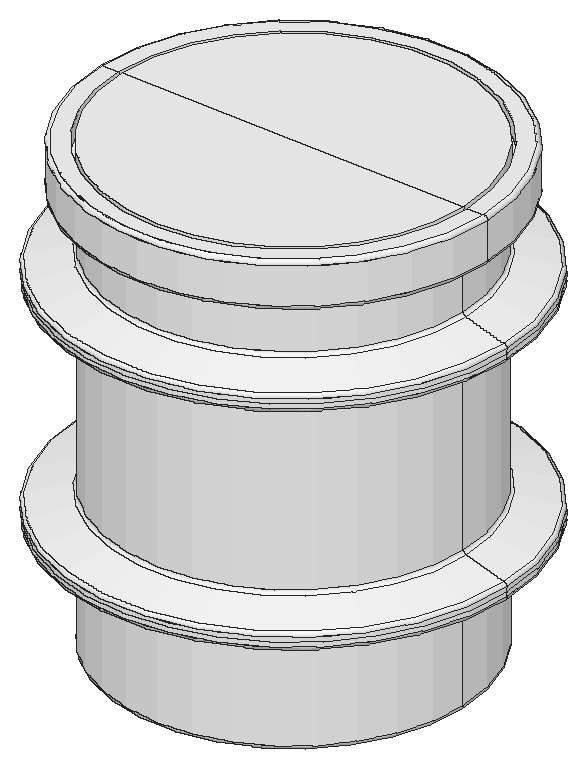
Revit family "C1300-MF", category Plumbing Fixtures, host Face, Revit 2026
Family settings
  Host = Face
  Round Connector Dimension = Use Radius
  Part Type = Normal
  Classification Number = 23.45.55.21
  Enable Cutting in Views = No
  Cut with Voids When Loaded = No
  Maintain Annotation Orientation = No
  Shared = No
  Room Calculation Point = No
Parameters
  WFU = 0
  URL = "WWW.MIFAB.COM"
  Strainer Radius = Stainer Diameter / 2  # 5.000"
  Stainer Diameter = 10.000"
  Pipe Radius = Pipe Diameter / 2  # 4.375"
  Pipe Diameter = 8.750"
  Model = "C1300-MF"
  Manufacturer = "MIFAB"
  Floor Drain Material = Paint - Sherwin Williams Paint - #952C2A - Bellwood Red
  Description = "HEAVY DUTY ACCESS HOUSING WITH ANCHOR FLANGES"
  Default Elevation = 0.000"
  Body Height = 11.625"
Reference planes (in)
  plane 1 "Center (Front/Back)": y = 0
  plane 2: z = 0
  plane 3 "Center (Left/Right)": x = 0
  plane 4: x = -5
  plane 5: x = 5
  plane 6: z = -11.625
  plane 7: x = -4.375
  plane 8: x = 4.375
  plane 9: x = -2.31968
  plane 10: x = 2.31968
Forms (in)
  Revolve 1, solid, material "Paint - Sherwin Williams Paint - #952C2A - Bellwood Red" <- "Floor Drain Material"
    sketch origin (0, 0, 0) x (1, 0, 0) y (0, 0, 1)
      loop
        arc (4.275, -11.625) -> (4.34571, -11.59571) -> (4.375, -11.525) r 0.1
        line (4.375, -11.525) -> (4.375, -9.07601)
        arc (4.375, -9.07601) -> (4.39539, -9.0155) -> (4.44824, -8.97966) r 0.1
        line (4.44824, -8.97966) -> (5.42676, -8.70784)
        arc (5.42676, -8.70784) -> (5.47961, -8.672) -> (5.5, -8.61149) r 0.1
        line (5.5, -8.61149) -> (5.5, -8.5) -> (5.5, -8.38851)
        arc (5.5, -8.38851) -> (5.47961, -8.328) -> (5.42676, -8.29216) r 0.1
        line (5.42676, -8.29216) -> (4.44824, -8.02034)
        arc (4.44824, -8.02034) -> (4.39539, -7.9845) -> (4.375, -7.92399) r 0.1
        line (4.375, -7.92399) -> (4.375, -3.57601)
        arc (4.375, -3.57601) -> (4.39539, -3.5155) -> (4.44824, -3.47966) r 0.1
        line (4.44824, -3.47966) -> (5.42676, -3.20784)
        arc (5.42676, -3.20784) -> (5.47961, -3.172) -> (5.5, -3.11149) r 0.1
        line (5.5, -3.11149) -> (5.5, -3) -> (5.5, -2.88851)
        arc (5.5, -2.88851) -> (5.47961, -2.828) -> (5.42676, -2.79216) r 0.1
        line (5.42676, -2.79216) -> (4.44824, -2.52034)
        arc (4.44824, -2.52034) -> (4.39539, -2.4845) -> (4.375, -2.42399) r 0.1
        line (4.375, -2.42399) -> (4.375, -1.225)
        arc (4.375, -1.225) -> (4.40429, -1.15429) -> (4.475, -1.125) r 0.1
        line (4.475, -1.125) -> (4.9, -1.125)
        arc (4.9, -1.125) -> (4.97071, -1.09571) -> (5, -1.025) r 0.1
        line (5, -1.025) -> (5, -0.1)
        arc (5, -0.1) -> (4.97071, -0.02929) -> (4.9, 0) r 0.1
        line (4.9, 0) -> (4.5, 0) -> (4.5, -0.425) -> (4, -0.425) -> (4, -11.625) -> (4.275, -11.625)
      axis (0, 0) -> (0, -11.625)
    angle from 0 to 360
  Revolve 2, solid, material "Paint - Sherwin Williams Paint - #952C2A - Bellwood Red" <- "Floor Drain Material"
    sketch origin (0, 0, 0) x (1, 0, 0) y (0, 0, 1)
      loop
        line (0, 0) -> (0, -0.425) -> (4.4, -0.425) -> (4.4, 0) -> (0, 0)
      axis (0, 0) -> (0, -0.425)
    angle from 0 to 360
Lines and regions (in)
  symbolic lines
    curve 1: circle (0, 0, 0) r 5 normal (0, 0, 1)
  symbolic lines, style "PlumbingFixtures"
    curve 2: circle (0, 0, 0) r 1.00382 normal (0, 0, 1)
Dimensions and locks (in)
  equal spacing: plane 5, plane 3 "Center (Left/Right)", plane 4
  "Stainer Diameter": plane 5 to plane 4
  equal spacing: plane 8, plane 3 "Center (Left/Right)", plane 7
  "Pipe Diameter": plane 8 to plane 7
  "Body Height": host face to plane 6
  locked: Revolve 2 sketch curve to Revolve 1 at 0.1
  "Strainer Radius": radius of curve 1
  aligned and locked: plane 2 to host face
  aligned and locked: level to host face
  aligned and locked: plane 1 "Center (Front/Back)" to curve 1
  aligned and locked: plane 3 "Center (Left/Right)" to curve 1
  aligned and locked: Revolve 1 sketch curve to plane 3 "Center (Left/Right)"
  aligned and locked: plane 8 to Revolve 1 sketch curve  (x3)
  aligned and locked: Revolve 2 sketch curve to host face
  aligned and locked: plane 3 "Center (Left/Right)" to Revolve 2 sketch curve
  aligned and locked: Revolve 1 to Revolve 2 sketch curve
Automatic sketch dimensions
  host sketch curve to host sketch curve = 96.000"  (x2)
  Revolve 1 sketch curve to plane 6 = 0.000"  (x2)
  Revolve 1 sketch curve to level = 0.000"
  plane 8 to Revolve 1 sketch curve = 0.375"
  plane 6 to Revolve 1 sketch curve = 0.100"
  Revolve 1 sketch curve to plane 8 = 0.07324"  (x4)
  Revolve 1 sketch curve to plane 8 = 0.100"  (x5)
  Revolve 1 sketch curve to plane 8 = 0.125"
  plane 5 to Revolve 1 sketch curve = 0.100"
  Revolve 1 sketch curve to plane 5 = 0.42676"  (x2)
  Revolve 1 sketch curve to Revolve 1 sketch curve = 0.000"  (x2)
  Revolve 1 sketch curve to Revolve 1 sketch curve = 0.07324"  (x2)
  Revolve 1 sketch curve to Revolve 1 sketch curve = 0.100"  (x2)
  Revolve 1 sketch curve to Revolve 1 sketch curve = 0.02676"  (x3)
  Revolve 1 sketch curve to Revolve 1 sketch curve = 2.44899"
  Revolve 1 sketch curve to Revolve 1 sketch curve = 0.27181"  (x2)
  Revolve 1 sketch curve to Revolve 1 sketch curve = 0.11149"  (x4)
  Revolve 1 sketch curve to Revolve 1 sketch curve = 0.95931"  (x2)
  Revolve 1 sketch curve to Revolve 1 sketch curve = 3.47601"
  Revolve 1 sketch curve to Revolve 1 sketch curve = 1.19899"
  Revolve 1 sketch curve to level = 0.425"
  Revolve 1 sketch curve to Revolve 1 sketch curve = 2.28839"
  plane 5 to Revolve 1 sketch curve = 0.000"
  Revolve 2 sketch curve to plane 3 "Center (Left/Right)" = 0.000"
  Revolve 2 sketch curve to Revolve 2 sketch curve = 0.4077"
  Revolve 2 sketch curve to Revolve 2 sketch curve = 0.1943"
  curve 1 to curve 2 = 0.000"  (x2)
  plane 1 "Center (Front/Back)" to curve 2 = 0.000"
  curve 2 to plane 3 "Center (Left/Right)" = 0.000"
  radius of curve 2 = 1.00382"
Connectors (in)
  piping at (0, 0, -11.625), diameter 8.75, driven by "Pipe Radius"
    settings: on Revolve 1, index 1, connector inside diameter 8 3/4", connector length 0.000", flow factor 0, pipe flow 0 GPM, pressure drop 0.00 psi, fitting loss kfactor 0, connector angle 0.00°, fixture units 0, engagement length 0.000", angle of deflection 0.00°, flow configuration 0, flow direction 0, fitting loss method 0, system type 7, joint type 0, gender type 0, connector reference index -1, connector utility 0, adjustable connector no, is connector primary yes, connector description ""
